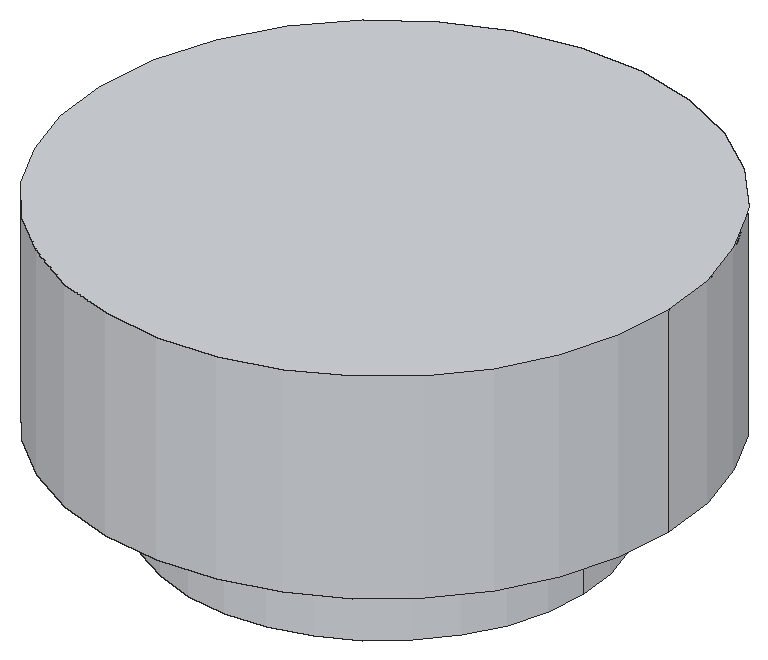
Revit family "LE_Blitzleuchte_V1700", category Leuchten, Revit 2017
Family settings
  Bemaßung runder Anschluss = Durchmesser verwenden
  Teiletyp = Normal
  OmniClass-Nummer = 23.80.70.11
  OmniClass-Titel = Luminaries for Internal Lighting
  Arbeitsebenenbasiert = Ja
  Immer vertikal = Ja
  Beim Laden mit Abzugskörper schneiden = Nein
  Lichtquelle = Ja
  Gemeinsam genutzt = Nein
  Raumberechnungspunkt = Ja
Parameters (values of type "Blitzleuchte")
  pbr_Material_KZ = ""
  pbr_Material = none
  pbr_E_Typ = ""
  pbr_E_KZ = ""
  pbr_DINBild = 0
  pbr_Bild = 0
  cpiFitMatchKey [instance] = "E_D_STR"  # constant formula
  Zentrale [instance] = ""
  built-in parameter 1150104 = 13.8 (stored number, unit not read)
  Wirkleistung [instance] = 0 W
  Wattage = 9.2903 W
  built-in parameter 1150113 = 1 (stored number, unit not read)
  built-in parameter 1114218 = 1 (stored number, unit not read)
  Typ = ""
  Text3 = ""
  Text2 = ""
  Text1 = ""
  built-in parameter 1150134 = 3
  built-in parameter 1150109 = 1 (stored number, unit not read)
  built-in parameter 1150110 = 1 (stored number, unit not read)
  Scheinleistung [instance] = 0 VA
  Schaltgruppe2 [instance] = 0
  Schaltgruppe1 [instance] = 0
  Platzierung [instance] = 1000 mm + Platzierabstand  # 1000 mm
  Platzierabstand [instance] = 0 mm
  Default Elevation = 1219.2 mm
  Symbolabstand [instance] = 141.4 mm
  Spannung = 230 V  # constant formula
  Scheinlast = 0 VA
  R = 125 mm
  Poligkeit = 1
  Planungsbüro Rohling = "www.pbr.de"
  Menge(Dosenzahl) = 1
  Linie/Anschluss [instance] = ""
  built-in parameter 1114217 = 1 (stored number, unit not read)
  built-in parameter 1150139 = (empty or 0)
  built-in parameter 1150105 = 439.27 (stored number, unit not read)
  built-in parameter 1150114 = 1 (stored number, unit not read)
  Lumens = 1380 lm
  Lichtboxmaterial = Metall - Oberfläche lackiert - Dunkelgrau, matt
  built-in parameter 1150115 = 1 (stored number, unit not read)
  Leuchtenkopf [instance] = Lampenradius * 0.7  # 70 mm
  Lastklassifizierung [instance] = none
  Lampentyp [instance] = ""
  Lampenradius = 100 mm
  built-in parameter 1150112 = 1 (stored number, unit not read)
  Lampe = "Strahler"
  Kommentar zur Wattzahl [instance] = ""
  Installationsart [instance] = ""
  Info = ""
  IFC = ""
  Kopfhöhe [instance] = Höhe * 0.7  # 70 mm
  Höhe = 100 mm
  Größe des Lichtquellensymbols = 609.6 mm
  Gewerk [instance] = "BEL"
  Dimming Lamp Color Temperature Shift = (empty or 0)
  Color Filter = 16777215
  built-in parameter 1150133 = 10 (stored number, unit not read)
  built-in parameter 1150137 = (empty or 0)
  built-in parameter 1150132 = (empty or 0)
  Diffusormaterial = none
  Blitzleuchte = yes
  built-in parameter 1150106 = 4.3927 (stored number, unit not read)
  Anschlussleitungsradius = 7 mm
  built-in parameter 1150107 = 3200 (stored number, unit not read)
  built-in parameter 1150102 = (empty or 0)
  built-in parameter 1150138 = (empty or 0)
Reference planes
  plane 1 "Mitte (Vorne/Hinten)": y = 0
  plane 2: z = 0
  plane 3 "Mitte (Links/Rechts)": x = 0
  plane 4 "Leuchte unten": z = -100
  plane 5: z = -70
  plane 6: y = 0
  plane 7: y = -1000
Forms (mm)
  Extrusion 1, solid
    sketch origin (0, 0, -200) x (-1, 0, 0) y (0, -1, 0)
      loop
        circle (0, 0) r 100
    from 130 to 200
  Extrusion 2, solid
    sketch origin (0, 0, -100) x (-1, 0, 0) y (0, -1, 0)
      loop
        circle (0, 0) r 70
    from 0 to 30
Dimensions and locks
  "Höhe": level to plane 4 "Leuchte unten"
  "Kopfhöhe": level to plane 5
  plane 7 to plane 1 "Mitte (Vorne/Hinten)" = 1000 mm
  "Platzierung": plane 6 to plane 7
  "Lampenradius": radius of Extrusion 1 sketch curve
  "Leuchtenkopf": radius of Extrusion 2 sketch curve
  aligned and locked: level to plane 2
  aligned and locked: level to Extrusion 1
  aligned and locked: Extrusion 1 to plane 5
  aligned and locked: plane 5 to Extrusion 2
Automatic sketch dimensions
  plane 1 "Mitte (Vorne/Hinten)" to Extrusion 1 sketch curve = 0 mm
  Extrusion 1 sketch curve to plane 3 "Mitte (Links/Rechts)" = 0 mm
  plane 1 "Mitte (Vorne/Hinten)" to Extrusion 2 sketch curve = 0 mm
  Extrusion 2 sketch curve to plane 3 "Mitte (Links/Rechts)" = 0 mm
Nested families
  nested 1: "Blitzleuchte oben" at (0, 0, -100), type "Blitzleuchte oben"
  nested 2: "Boden Blitzleuchte" at (5, 0, -100), type "Boden Blitzleuchte"
Connectors
  electrical at (0, 0, 0), driven by "Spannung"
    settings: on Extrusion 1, index 1, voltage 230 V, apparent load 0 VA, apparent load phase1 1000 VA, apparent load phase2 0 VA, apparent load phase3 0 VA, power factor 1, load classification "Beleuchtung", number of poles 1, system type 31, power factor state 1, is connector primary yes, connector utility no, sub classification motor no, connector description ""
  cabletrayconduit at (0, 0, 0), diameter 7, driven by "Anschlussleitungsradius"
    settings: on Extrusion 1, index 2, connector width 300 mm, connector height 300 mm, connector angle 0.00°, system type 32, placement type 0, profile type 0, connector reference index -1, is primary connector yes, connector utility param no, connector description ""
Definition of nested family "Blitzleuchte oben"
  Reference planes
    plane 1 "Mitte (Vorne/Hinten)": y = 0
    plane 2: z = 0
    plane 3 "Mitte (Links/Rechts)": x = 0
  Lines and regions (mm)
    Filled region 1, type "Beton", in view "Referenzebene"
      outline origin (0, 0, 0) x (1, 0, 0) y (0, 1, 0)
        loop
          line (-78.831, 204.705) -> (-78.831, 50.4) -> (89.093, 50.4) -> (89.093, 204.705)
          arc (89.093, 204.705) -> (5.131, 288.668) -> (-78.831, 204.705) r 83.962
    detail lines, in view "Referenzebene"
      curve 1: line (-96.676, 263.505, 0) -> (-154.873, 297.105, 0)
      curve 2: line (-53.631, 306.55, 0) -> (-87.231, 364.747, 0)
      curve 3: line (5.169, 322.305, 0) -> (5.169, 389.505, 0)
      curve 4: line (63.969, 306.55, 0) -> (97.569, 364.747, 0)
      curve 5: line (107.013, 263.505, 0) -> (165.21, 297.105, 0)
      curve 6: line (-78.831, 50.4, 0) -> (89.093, 50.4, 0)
Definition of nested family "Boden Blitzleuchte"
  Reference planes
    plane 1 "Mitte (Vorne/Hinten)": y = 0
    plane 2: z = 0
    plane 3 "Mitte (Links/Rechts)": x = 0
  Lines and regions (mm)
    Filled region 1, type "Beton", in view "Referenzebene"
      outline origin (-4.834, 0, 0) x (1, 0, 0) y (0, 1, 0)
        loop
          line (139.435, 0) -> (89.035, 50.4) -> (-78.965, 50.4) -> (-129.365, 0) -> (139.435, 0)
